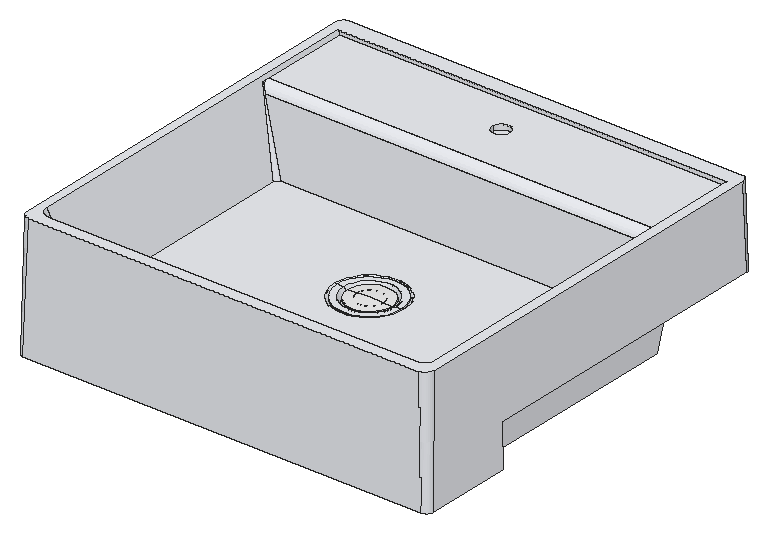
Revit family "Basin-Semi-Recessed-Caroma Teo 460", category Plumbing Fixtures, host Face, Revit 2014
Parameters (values of type "This family uses a type catalogue")
  Width = 460 mm  # constant formula
  WasteOutlet_ANZRS = 0
  WasteDiameter = 30 mm  # constant formula
  Waste = Metal-Chrome-Caroma
  WFU = 1
  URL = "http://www.specify.caroma.com.au"
  Type Comments = "Caroma Teo 460 Semi Recessed Basin"  # constant formula
  Material_ANZRS = Porcelain-White-Caroma
  1TapHoles = yes
  TapHole1 = if([1TapHoles], 82 mm, 100 mm)  # 82 mm
  ModifiedIssue_ANZRS = 20151013.54  # constant formula
  Model = ""
  Manufacturer = "GWA Bathrooms & Kitchens"  # constant formula
  Length = 466 mm  # constant formula
  Depth = 140 mm  # constant formula
  Default Elevation = 1219.2 mm
  CreatedBy_ANZRS = "Design Content"  # constant formula
  CreatedByURL_ANZRS = "http://www.designcontent.com.au"
  Assembly Code = "D2010310"
Reference planes
  plane 1 "Center (Front/Back)": y = 0
  plane 2: z = 0
  plane 3 "Center (Left/Right)": x = 0
  plane 4: x = -233
  plane 5: x = 233
  plane 6: y = -230
  plane 7: y = 230
  plane 8: y = -21.403
  plane 9: y = -21.4
  plane 10: z = 82
  plane 11: z = 92
  plane 12: z = 110
  plane 13: z = 100
  plane 14: z = 92
Forms (mm)
  Blend 1, solid, material "Porcelain-White-Caroma" <- "Material_ANZRS"
    base sketch origin (0, 0, 0) x (1, 0, 0) y (0, 1, 0)
      loop
        arc (-233, -220.003) -> (-230.537, -226.538) -> (-224.471, -230) r 10.301
        line (-224.471, -230) -> (224.4, -230)
        arc (224.4, -230) -> (230.481, -227.481) -> (233, -221.4) r 8.6
        line (233, -221.4) -> (233, 221.948)
        arc (233, 221.948) -> (230.642, 227.642) -> (224.948, 230) r 8.052
        line (224.948, 230) -> (-224.034, 230)
        arc (-224.034, 230) -> (-230.374, 227.374) -> (-233, 221.034) r 8.966
        line (-233, 221.034) -> (-233, -220.003)
    top sketch origin (0, 0, 0) x (1, 0, 0) y (0, 1, 0)
      loop
        arc (-221.51, 226.93) -> (-227.381, 224.711) -> (-229.844, 218.939) r 8
        line (-229.844, 218.939) -> (-229.961, -218.143)
        arc (-229.961, -218.143) -> (-226.663, -224.446) -> (-220.049, -227.067) r 10.213
        line (-220.049, -227.067) -> (220.069, -227.067)
        arc (220.069, -227.067) -> (227.15, -224.134) -> (230.083, -217.053) r 10.014
        line (230.083, -217.053) -> (230.083, 218.984)
        arc (230.083, 218.984) -> (227.4, 224.961) -> (221.152, 226.93) r 8
        line (221.152, 226.93) -> (-221.51, 226.93)
    from -48 to 91.999
  Blend 2, void
    base sketch origin (0, 0, 0) x (1, 0, 0) y (0, 1, 0)
      loop
        line (-207.762, -214.709) -> (207.867, -214.709)
        arc (207.867, -214.709) -> (215.999, -211.341) -> (219.367, -203.209) r 11.5
        line (219.367, -203.209) -> (219.367, 100.431) -> (-219.642, 100.431) -> (-219.642, -202.829)
        arc (-219.642, -202.829) -> (-216.162, -211.229) -> (-207.762, -214.709) r 11.88
    top sketch origin (0, 0, 0) x (1, 0, 0) y (0, 1, 0)
      loop
        line (-186.236, -190.323) -> (187.19, -190.323)
        arc (187.19, -190.323) -> (193.964, -187.517) -> (196.77, -180.743) r 9.58
        line (196.77, -180.743) -> (196.77, 86.789)
        arc (196.77, 86.789) -> (195.281, 90.383) -> (191.687, 91.872) r 5.083
        line (191.687, 91.872) -> (-191.126, 91.872)
        arc (-191.126, 91.872) -> (-194.721, 90.383) -> (-196.21, 86.789) r 5.083
        line (-196.21, 86.789) -> (-196.21, -180.349)
        arc (-196.21, -180.349) -> (-193.288, -187.401) -> (-186.236, -190.323) r 9.974
    from 91.999 to 0
  Extrusion 3, void
    sketch origin (0, 0, 0) x (1, 0, 0) y (0, 0, 1)
      loop
        line (-219.642, 91.999) -> (-218.421, 87.206) -> (218.19, 87.206) -> (219.367, 91.999) -> (-219.642, 91.999)
    from -209.069 to -94.764
  Extrusion 4, void
    sketch origin (0, 0, 0) x (0, 1, 0) y (0, 0, 1)
      loop
        line (123.677, -48.246) -> (230, -48.246) -> (230, 0) -> (136.439, 0) -> (123.677, -48.246)
    from -274.519 to 290.987
  Extrusion 5, void
    sketch origin (0, 0, 0) x (0, 1, 0) y (0, 0, 1)
      loop
        line (183.985, 73.843) -> (119.21, 73.843)
        arc (119.21, 73.843) -> (116.539, 73.181) -> (114.487, 71.348) r 5.717
        line (114.487, 71.348) -> (108.143, 15.997)
        arc (108.143, 15.997) -> (98.782, -2.595) -> (79.51, -10.459) r 29.664
        line (79.51, -10.459) -> (-115.499, -16.104)
        arc (-115.499, -16.104) -> (-118.656, -18.925) -> (-120.448, -22.761) r 10.538
        line (-120.448, -22.761) -> (-132.948, -53.699) -> (-132.948, -65) -> (188.106, -65) -> (188.106, 69.722)
        arc (188.106, 69.722) -> (186.899, 72.636) -> (183.985, 73.843) r 4.121
    from -157.788 to 156.798
  Sweep 6, void
    path origin (0, 0, 0) x (1, 0, 0) y (0, 1, 0)
      loop
        line (-290.987, 146.488) -> (-210.987, 146.488) -> (-210.987, -124.898)
    profile origin (-210.987, 10.795, 0) x (1, 0, 0) y (0, 0, 1)
      loop
        line (2.834, -48) -> (0.16, -2.716)
        arc (0.16, -2.716) -> (-0.852, -0.777) -> (-2.896, 0) r 3.078
        line (-2.896, 0) -> (-23.169, 0) -> (-23.169, -48) -> (2.834, -48)
  Sweep 7, void
    path origin (0, 0, 0) x (-1, 0, 0) y (0, 1, 0)
      loop
        line (-290.987, 146.488) -> (-210.987, 146.488) -> (-210.987, -124.898)
    profile origin (210.987, 10.795, 0) x (1, 0, 0) y (0, 0, 1)
      loop
        line (-2.834, -48) -> (23.169, -48) -> (23.169, 0) -> (2.896, 0)
        arc (2.896, 0) -> (0.852, -0.777) -> (-0.16, -2.716) r 3.078
        line (-0.16, -2.716) -> (-2.834, -48)
  Extrusion 8, void
    sketch origin (0, 0, 0) x (0, 1, 0) y (0, 0, 1)
      loop
        line (99.985, 87.206) -> (99.055, 77.206) -> (109.985, 77.206) -> (109.985, 87.206) -> (99.985, 87.206)
    from -219.642 to 219.367
  Extrusion 9, solid, material "Porcelain-White-Caroma" <- "Material_ANZRS"
    sketch origin (0, 0, 0) x (0, 1, 0) y (0, 0, 1)
      loop
        line (99.055, 77.206) -> (109.985, 77.206) -> (109.985, 87.206)
        arc (109.985, 87.206) -> (103.223, 83.624) -> (99.055, 77.206) r 15.232
    from -219.642 to 219.367
  Sweep 10, solid, material "Porcelain-White-Caroma" <- "Material_ANZRS"
    path origin (0, 0, 0) x (0, 1, 0) y (0, 0, 1)
      loop
        line (115.545, 80.574) -> (108.143, 15.997)
        arc (108.143, 15.997) -> (98.782, -2.595) -> (79.51, -10.459) r 29.664
        line (79.51, -10.459) -> (-17.995, -13.282)
    profile origin (0, 111.844, 48.285) x (0, 0.993495, -0.113875) y (1, 0, 0)
      loop
        line (-0.232, -27.259) -> (12.519, -27.259)
        arc (12.519, -27.259) -> (16.055, -25.795) -> (17.519, -22.259) r 5
        line (17.519, -22.259) -> (17.519, 23.366)
        arc (17.519, 23.366) -> (16.055, 26.901) -> (12.519, 28.366) r 5
        line (12.519, 28.366) -> (-0.232, 28.366) -> (-0.232, -27.259)
  Revolve 11, void
    sketch origin (-390.206, -21.403, 1219.2) x (-1, 0, 0) y (0, 0, 1)
      loop
        line (-351.097, -1219.2) -> (-390.206, -1219.2) -> (-390.206, -1267.2) -> (-365.884, -1267.2) -> (-365.884, -1233.986) -> (-351.097, -1219.2)
      axis (-390.206, -1267.2) -> (-390.206, -1219.2)
    angle from 0 to 360
  Revolve 12, solid, material "Porcelain-White-Caroma" <- "Material_ANZRS"
    sketch origin (-315.19, -21.4, 1219.2) x (-1, 0, 0) y (0, 0, 1)
      loop
        line (-279.012, -1219.2) -> (-286.335, -1219.2) -> (-289.279, -1225.513) -> (-298.189, -1230.053) -> (-298.189, -1233.457) -> (-315.19, -1233.457) -> (-315.19, -1234.257) -> (-297.389, -1234.257) -> (-297.389, -1230.543) -> (-288.67, -1226.1) -> (-285.826, -1220) -> (-279.012, -1220) -> (-279.012, -1219.2)
      axis (-315.19, -1234.257) -> (-315.19, -1219.2)
    angle from 0 to 360
  Revolve 13, solid, material "Metal-Chrome-Caroma" <- "Waste"
    sketch origin (-315.19, -21.4, 1219.2) x (-1, 0, 0) y (0, 0, 1)
      loop
        arc (-290.514, -1220.617) -> (-302.836, -1219.64) -> (-315.19, -1219.2) r 283.786
        line (-315.19, -1219.2) -> (-315.19, -1220)
        arc (-315.19, -1220) -> (-308.086, -1220.188) -> (-300.99, -1220.554) r 282.986
        line (-300.99, -1220.554) -> (-300.99, -1251.817) -> (-300.19, -1251.817) -> (-300.19, -1220.606)
        arc (-300.19, -1220.606) -> (-295.348, -1220.972) -> (-290.514, -1221.422) r 282.986
        line (-290.514, -1221.422) -> (-290.514, -1220.617)
      axis (-315.19, -1251.817) -> (-315.19, -1219.2)
    angle from 0 to 360
  Extrusion 14, void
    sketch origin (0, -0.625, 0) x (1, 0, 0) y (0, 1, 0)
      loop
        spline (29.361, -20.679) -> (28.382, -13.244) -> (25.511, -6.316) -> (20.944, -0.368) -> (14.993, 4.198) -> (8.062, 7.066) -> (0.624, 8.042) -> (-6.811, 7.066) -> (-13.742, 4.196) -> (-19.692, -0.369) -> (-24.261, -6.317) -> (-27.128, -13.245) -> (-28.111, -20.679)
        spline (-28.111, -20.679) -> (-27.132, -28.114) -> (-24.261, -35.042) -> (-19.694, -40.991) -> (-13.743, -45.557) -> (-6.812, -48.425) -> (0.626, -49.401) -> (8.061, -48.425) -> (14.992, -45.555) -> (20.942, -40.99) -> (25.511, -35.042) -> (28.378, -28.114) -> (29.361, -20.679)
    from -30.794 to -7.968
  Extrusion 15, solid, material "Porcelain-White-Caroma" <- "Material_ANZRS"
    sketch origin (0, 0, -48) x (0, 1, 0) y (1, 0, 0)
      loop
        circle (-21.4, 0) r 30
      loop
        circle (-21.4, 0) r 29
    from -41.687 to 0
  Extrusion 16, void
    sketch origin (0, 0, 0) x (1, 0, 0) y (0, 1, 0)
      loop
        line (-233, -124.898) -> (233, -124.898) -> (233, 136.439) -> (-233, 136.439) -> (-233, -124.898)
    from 0 to -48
  Extrusion 17, void
    sketch origin (0.499, 0, 0) x (1, 0, 0) y (0, 1, 0)
      loop
        circle (-0.499, 165) r 10
    from 82 to 92
Cuts and joins
  Blend 2, Extrusion 3, Extrusion 4, Extrusion 5, Sweep 6, Sweep 7, Extrusion 8, Revolve 11, Extrusion 17 cuts Blend 1
  Extrusion 17 cuts Extrusion 9
  joined: Blend 1, Extrusion 9
  Extrusion 14 cuts Sweep 10
Lines and regions (mm)
  Masking region 1
    outline origin (0, 0, 0) x (1, 0, 0) y (0, 1, 0)
      loop
        line (228, 230) -> (-228, 230)
        arc (-228, 230) -> (-231.536, 228.536) -> (-233, 225) r 5
        line (-233, 225) -> (-233, -224.216)
        arc (-233, -224.216) -> (-231.641, -228.557) -> (-227.328, -230) r 5
        line (-227.328, -230) -> (228, -230)
        arc (228, -230) -> (231.536, -228.536) -> (233, -225) r 5
        line (233, -225) -> (233, 225)
        arc (233, 225) -> (231.536, 228.536) -> (228, 230) r 5
  Masking region 2
    outline origin (-315.19, -21.4, 1219.2) x (-1, 0, 0) y (0, 0, 1)
      loop
        line (-548.19, -1267.2) -> (-82.19, -1267.2) -> (-85.229, -1127.201) -> (-545.272, -1127.201) -> (-548.19, -1267.2)
  Masking region 3
    outline origin (0, 0, 0) x (0, 1, 0) y (0, 0, 1)
      loop
        line (228.947, 0) -> (226.93, 91.999) -> (-227.067, 91.999) -> (-230, -48) -> (123.742, -48) -> (136.439, 0) -> (228.947, 0)
  symbolic lines
    curve 1: line (-186.236, -190.323, 0) -> (187.19, -190.323, 0)
    curve 2: arc (187.19, -190.323, 0) -> (193.964, -187.517, 0) -> (196.77, -180.743, 0) r 9.58
    curve 3: line (196.77, -180.743, 0) -> (196.77, 86.789, 0)
    curve 4: arc (196.77, 86.789, 0) -> (195.281, 90.383, 0) -> (191.687, 91.872, 0) r 5.083
    curve 5: line (191.687, 91.872, 0) -> (-191.126, 91.872, 0)
    curve 6: arc (-191.126, 91.872, 0) -> (-194.721, 90.383, 0) -> (-196.21, 86.789, 0) r 5.083
    curve 7: line (-196.21, 86.789, 0) -> (-196.21, -180.349, 0)
    curve 8: arc (-196.21, -180.349, 0) -> (-193.288, -187.401, 0) -> (-186.236, -190.323, 0) r 9.974
    curve 11: line (-233, 136.439, 0) -> (233, 136.439, 0)
    curve 12: line (-196.21, -21.4, 0) -> (-219.642, -21.4, 92)
    curve 13: line (196.746, -21.4, 0) -> (219.368, -21.4, 92)
    curve 15: line (0, 136.439, 0) -> (0, -124.898, 0)
    curve 16: line (0, -124.898, 0) -> (0, -124.898, -48)
    curve 17: circle (0, -21.4, 0) r 15 normal (0, 0, 1)
    curve 18: circle (0, -21.4, 0) r 18 normal (0, 0, 1)
  symbolic lines, visible <- "1TapHoles"
    curve 9: arc (-10, 165, 0) -> (0, 155, 0) -> (10, 165, 0) r 10
    curve 10: arc (10, 165, 0) -> (0, 175, 0) -> (-10, 165, 0) r 10
  symbolic lines, style "PlumbingFixtures"
    curve 14: line (-196.21, -21.4, 0) -> (196.746, -21.4, 0)
Dimensions and locks
  equal spacing: plane 7, plane 1 "Center (Front/Back)", plane 6
  "Width": plane 7 to plane 6
  equal spacing: plane 4, plane 3 "Center (Left/Right)", plane 5
  "Length": plane 4 to plane 5
  plane 9 to plane 1 "Center (Front/Back)" = 21.4 mm
  locked: plane 3 "Center (Left/Right)" to Revolve 13 sketch curve at 15
  "TapHole1": plane 10 to level
  plane 11 to plane 10 = 10 mm
  plane 12 to plane 13 = 10 mm
  plane 13 to level = 100 mm
  locked: plane 7 to Extrusion 17 sketch curve at 65
  locked: plane 3 "Center (Left/Right)" to Extrusion 17 sketch curve
  plane 14 to level = 92 mm
  locked: plane 5 to curve 14 at 36.254
  radius of Extrusion 17 sketch curve = 10 mm
  radius of Masking region 1 sketch curve = 5 mm  (x4)
  radius of curve 18 = 18 mm
  radius of curve 17 = 15 mm
  aligned and locked: plane 2 to host face
  aligned and locked: level to host face
  aligned and locked: plane 4 to Blend 1 sketch curve
  aligned and locked: Blend 1 sketch curve to plane 5
  aligned and locked: plane 6 to Blend 1 sketch curve
  aligned and locked: Blend 1 sketch curve to plane 7
  aligned and locked: plane 5 to Extrusion 16 sketch curve
  aligned and locked: Extrusion 16 sketch curve to cut or joined group 1 (Blend 1, Blend 2, Extrusion 3, Extrusion 4, Extrusion 5, Sweep 6, Sweep 7, Extrusion 8, Extrusion 9, Revolve 11, Extrusion 17)  (x2)
  aligned and locked: Extrusion 16 sketch curve to plane 4
  aligned and locked: Extrusion 16 to cut or joined group 1  (x2)
  aligned and locked: plane 11 to Extrusion 17
  aligned and locked: Extrusion 17 to plane 10
  aligned and locked: plane 7 to Masking region 1 sketch curve
  aligned and locked: Masking region 1 sketch curve to plane 5
  aligned and locked: Masking region 1 sketch curve to plane 6
  aligned and locked: Masking region 1 sketch curve to plane 4
  aligned and locked: curve 5 to cut or joined group 1
  aligned and locked: curve 6 to cut or joined group 1
  aligned and locked: curve 9 to Extrusion 17
  aligned and locked: curve 10 to Extrusion 17
  aligned and locked: plane 4 to curve 11
  aligned and locked: plane 5 to curve 11
  aligned and locked: Masking region 2 sketch curve to cut or joined group 1  (x4)
  aligned and locked: plane 5 to Masking region 2 sketch curve
  aligned and locked: curve 14 to cut or joined group 1
  aligned and locked: Masking region 2 to cut or joined group 1
  aligned and locked: curve 12 to cut or joined group 1
  aligned and locked: plane 14 to curve 12
  aligned and locked: plane 14 to curve 13
  aligned and locked: Masking region 3 sketch curve to cut or joined group 1  (x4)
  aligned and locked: cut or joined group 1 to Masking region 3 sketch curve
  aligned and locked: host face to Masking region 3 sketch curve
  aligned and locked: cut or joined group 1 to curve 15
  aligned and locked: curve 16 to cut or joined group 1
  aligned and locked: plane 9 to curve 17
  aligned and locked: plane 3 "Center (Left/Right)" to curve 17
  aligned and locked: plane 9 to curve 18
  aligned and locked: plane 3 "Center (Left/Right)" to curve 18
Automatic sketch dimensions
  host sketch curve to host sketch curve = 2438.4 mm  (x2)
  plane 4 to Blend 1 sketch curve = 8.529 mm
  plane 4 to Blend 1 sketch curve = 8.966 mm
  plane 6 to Blend 1 sketch curve = 10.148 mm
  Blend 1 sketch curve to Blend 1 sketch curve = 10.3 mm
  Blend 1 sketch curve to plane 5 = 8.6 mm
  Blend 1 sketch curve to plane 5 = 8.052 mm
  plane 4 to Blend 1 sketch curve = 3.039 mm
  plane 4 to Blend 1 sketch curve = 3.156 mm
  Blend 1 sketch curve to Blend 1 sketch curve = 8 mm
  Blend 1 sketch curve to plane 7 = 3.07 mm
  Blend 1 sketch curve to Blend 1 sketch curve = 0.334 mm
  plane 6 to Blend 1 sketch curve = 2.933 mm
  plane 4 to Blend 1 sketch curve = 12.951 mm
  Blend 1 sketch curve to Blend 1 sketch curve = 10.132 mm
  Blend 1 sketch curve to plane 5 = 12.931 mm
  Blend 1 sketch curve to plane 5 = 11.848 mm
  Blend 1 sketch curve to Blend 1 sketch curve = 0.931 mm
  Blend 1 sketch curve to plane 5 = 2.917 mm
  plane 6 to Blend 1 sketch curve = 11.857 mm
  Blend 1 sketch curve to Blend 1 sketch curve = 7.993 mm
  plane 4 to Blend 2 sketch curve = 13.358 mm
  Blend 2 sketch curve to Blend 2 sketch curve = 11.88 mm
  Blend 2 sketch curve to plane 5 = 25.133 mm
  Blend 2 sketch curve to plane 5 = 13.633 mm
  plane 6 to Blend 2 sketch curve = 15.291 mm
  Blend 2 sketch curve to plane 1 "Center (Front/Back)" = 100.431 mm
  plane 4 to Blend 2 sketch curve = 36.79 mm
  Blend 2 sketch curve to Blend 2 sketch curve = 5.083 mm  (x2)
  Blend 2 sketch curve to Blend 2 sketch curve = 9.974 mm
  Blend 2 sketch curve to plane 5 = 45.81 mm
  Blend 2 sketch curve to plane 5 = 41.313 mm
  plane 6 to Blend 2 sketch curve = 39.677 mm
  Blend 2 sketch curve to plane 1 "Center (Front/Back)" = 86.789 mm
  plane 4 to Extrusion 3 sketch curve = 13.358 mm
  Extrusion 3 sketch curve to Extrusion 3 sketch curve = 1.221 mm
  Extrusion 3 sketch curve to plane 5 = 14.81 mm
  Extrusion 3 sketch curve to Extrusion 3 sketch curve = 1.177 mm
  level to Extrusion 3 sketch curve = 87.206 mm
  Extrusion 3 sketch curve to Extrusion 3 sketch curve = 4.793 mm
  Extrusion 4 sketch curve to level = 0 mm
  Extrusion 4 sketch curve to plane 7 = 0 mm
  Extrusion 4 sketch curve to plane 7 = 93.561 mm
  Extrusion 4 sketch curve to level = 48.246 mm
  Extrusion 4 sketch curve to Extrusion 4 sketch curve = 12.762 mm
  plane 4 to Sweep 6 sketch curve = 22.013 mm
  plane 6 to Sweep 6 sketch curve = 105.102 mm
  Sweep 6 sketch curve to plane 7 = 83.512 mm
  Sweep 6 sketch curve to plane 4 = 57.987 mm
  Sweep 6 sketch curve to level = 0 mm
  profile plane to Sweep 6 sketch curve = 23.169 mm
  profile plane to Sweep 6 sketch curve = 2.896 mm
  Sweep 6 sketch curve to profile plane = 0.16 mm
  Sweep 6 sketch curve to profile plane = 2.834 mm
  Sweep 6 sketch curve to level = 2.716 mm
  Sweep 6 sketch curve to Sweep 6 sketch curve = 44.922 mm
  plane 5 to Sweep 7 sketch curve = 22.013 mm
  plane 7 to Sweep 7 sketch curve = 83.512 mm
  Sweep 7 sketch curve to plane 5 = 57.987 mm
  Sweep 7 sketch curve to plane 6 = 105.102 mm
  Sweep 7 sketch curve to level = 0 mm
  profile plane to Sweep 7 sketch curve = 2.834 mm
  profile plane to Sweep 7 sketch curve = 0.16 mm
  Sweep 7 sketch curve to profile plane = 2.896 mm
  Sweep 7 sketch curve to profile plane = 23.169 mm
  Sweep 7 sketch curve to level = 2.716 mm
  Sweep 7 sketch curve to Sweep 7 sketch curve = 44.922 mm
  Extrusion 8 sketch curve to plane 1 "Center (Front/Back)" = 99.985 mm
  Extrusion 8 sketch curve to Extrusion 8 sketch curve = 10 mm  (x2)
  level to Extrusion 8 sketch curve = 77.206 mm
  Extrusion 8 sketch curve to Extrusion 8 sketch curve = 0.93 mm
  Extrusion 9 sketch curve to plane 1 "Center (Front/Back)" = 109.985 mm
  Extrusion 9 sketch curve to Extrusion 9 sketch curve = 3.519 mm
  level to Extrusion 9 sketch curve = 72.386 mm
  Extrusion 9 sketch curve to Extrusion 9 sketch curve = 4.82 mm
  Extrusion 9 sketch curve to Extrusion 9 sketch curve = 10.93 mm
  profile plane to Sweep 10 sketch curve = 0.232 mm
  Sweep 10 sketch curve to Sweep 10 sketch curve = 12.751 mm
  Sweep 10 sketch curve to plane 3 "Center (Left/Right)" = 27.259 mm
  plane 3 "Center (Left/Right)" to Sweep 10 sketch curve = 23.366 mm
  Sweep 10 sketch curve to Sweep 10 sketch curve = 5 mm  (x2)
  plane 6 to Extrusion 5 sketch curve = 97.052 mm
  Extrusion 5 sketch curve to level = 22.761 mm
  Extrusion 5 sketch curve to Extrusion 5 sketch curve = 12.5 mm
  Extrusion 5 sketch curve to level = 16.104 mm
  Extrusion 5 sketch curve to Extrusion 5 sketch curve = 4.949 mm
  Extrusion 5 sketch curve to Extrusion 5 sketch curve = 5.3 mm
  level to Extrusion 5 sketch curve = 19.192 mm
  Extrusion 5 sketch curve to plane 1 "Center (Front/Back)" = 78.652 mm
  Extrusion 5 sketch curve to level = 10.459 mm
  Extrusion 5 sketch curve to Extrusion 5 sketch curve = 0.858 mm
  level to Extrusion 5 sketch curve = 15.997 mm
  level to Extrusion 5 sketch curve = 71.348 mm
  Extrusion 5 sketch curve to Extrusion 5 sketch curve = 6.344 mm
  Extrusion 5 sketch curve to Extrusion 5 sketch curve = 4.723 mm
  Extrusion 5 sketch curve to plane 7 = 46.015 mm
  Extrusion 5 sketch curve to Extrusion 5 sketch curve = 4.121 mm
  Extrusion 5 sketch curve to Extrusion 5 sketch curve = 30.938 mm
  Extrusion 5 sketch curve to level = 65 mm
  Extrusion 5 sketch curve to Extrusion 5 sketch curve = 3.222 mm
  Revolve 11 sketch curve to plane 3 "Center (Left/Right)" = 0 mm  (x2)
  Revolve 11 sketch curve to plane 3 "Center (Left/Right)" = 24.322 mm
  Revolve 11 sketch curve to level = 0 mm
  Revolve 11 sketch curve to Revolve 11 sketch curve = 14.786 mm
  Revolve 11 sketch curve to level = 14.786 mm
  Revolve 11 sketch curve to Revolve 11 sketch curve = 33.214 mm
  Revolve 11 sketch curve to Revolve 11 sketch curve = 35 mm
  level to Revolve 11 sketch curve = 19.995 mm
  Revolve 12 sketch curve to plane 3 "Center (Left/Right)" = 0 mm  (x2)
  Revolve 12 sketch curve to level = 0 mm
  Revolve 12 sketch curve to plane 3 "Center (Left/Right)" = 17.001 mm
  Revolve 12 sketch curve to Revolve 12 sketch curve = 0.8 mm  (x3)
  Revolve 12 sketch curve to level = 6.313 mm
  Revolve 12 sketch curve to Revolve 12 sketch curve = 8.11 mm
  Revolve 12 sketch curve to level = 6.9 mm
  Revolve 12 sketch curve to Revolve 12 sketch curve = 0.609 mm
  Revolve 12 sketch curve to Revolve 12 sketch curve = 2.944 mm
  Revolve 12 sketch curve to Revolve 12 sketch curve = 7.323 mm
  Revolve 12 sketch curve to Revolve 12 sketch curve = 4.54 mm
  Revolve 12 sketch curve to Revolve 12 sketch curve = 0.49 mm
  Revolve 12 sketch curve to Revolve 12 sketch curve = 2.915 mm
  Revolve 12 sketch curve to Revolve 12 sketch curve = 0.51 mm
  Revolve 12 sketch curve to Revolve 12 sketch curve = 6.777 mm
  Revolve 12 sketch curve to Revolve 12 sketch curve = 1.777 mm
  Revolve 13 sketch curve to Revolve 13 sketch curve = 0 mm  (x4)
  Revolve 13 sketch curve to plane 3 "Center (Left/Right)" = 0 mm  (x2)
  plane 3 "Center (Left/Right)" to Revolve 13 sketch curve = 3.917 mm
  Revolve 13 sketch curve to level = 2.222 mm
  Revolve 13 sketch curve to level = 32.617 mm
  Revolve 13 sketch curve to Revolve 13 sketch curve = 0.804 mm
  Revolve 13 sketch curve to Revolve 13 sketch curve = 2.989 mm
  Revolve 13 sketch curve to level = 1.406 mm
  Revolve 13 sketch curve to level = 1.354 mm
  level to Revolve 13 sketch curve = 4.485 mm
  Revolve 13 sketch curve to Revolve 13 sketch curve = 0.8 mm  (x2)
  level to Sweep 10 sketch curve = 19.192 mm
  Sweep 10 sketch curve to plane 1 "Center (Front/Back)" = 78.652 mm
  Sweep 10 sketch curve to level = 10.459 mm
  Sweep 10 sketch curve to Sweep 10 sketch curve = 0.858 mm
  level to Sweep 10 sketch curve = 15.997 mm
  plane 9 to Sweep 10 sketch curve = 3.405 mm
  Sweep 10 sketch curve to Sweep 10 sketch curve = 7.402 mm
  Sweep 10 sketch curve to level = 13.282 mm
  Sweep 10 sketch curve to Sweep 10 sketch curve = 64.577 mm
  Blend 1 to Extrusion 15 sketch curve = 208.6 mm
  Blend 1 to Extrusion 15 sketch curve = 233 mm
  Extrusion 15 sketch curve to Extrusion 15 sketch curve = 0 mm  (x2)
  plane 4 to Masking region 1 sketch curve = 5.672 mm
  plane 4 to Masking region 1 sketch curve = 4.929 mm
  curve 13 to plane 5 = 13.632 mm
  curve 15 to plane 7 = 93.561 mm
  curve 16 to level = 48 mm
  curve 7 to curve 8 = 9.974 mm
  curve 1 to plane 5 = 45.81 mm
  curve 4 to plane 5 = 41.313 mm
  curve 2 to curve 3 = 9.58 mm
  plane 6 to curve 7 = 49.651 mm
  curve 4 to curve 11 = 44.567 mm
  radius of Extrusion 15 sketch curve = 30 mm
  radius of Extrusion 15 sketch curve = 29 mm
Connectors
  piping at (0, -21.4, -32.617), diameter 30, driven by "WFU", driven by "WasteOutlet_ANZRS", driven by "WasteDiameter"
    settings: on Revolve 13, index 1, connector inside diameter 609.6 mm, connector length 0 mm, flow factor 0, pipe flow 0.0 L/s, pressure drop 0.0 Pa, fitting loss kfactor 0, connector angle 0.00°, fixture units 1, engagement length 0 mm, angle of deflection 0.00°, flow configuration 3, flow direction 2, fitting loss method 2, system type 16, joint type 0, gender type 0, connector reference index -1, connector utility 0, adjustable connector no, is connector primary yes, connector description "Outlet"
